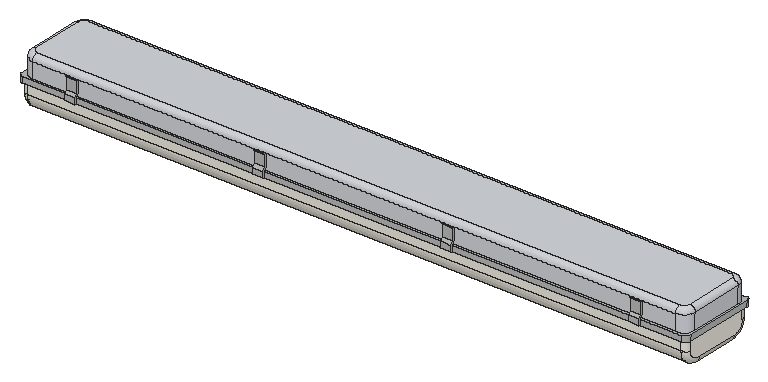
Revit family "АЙСБЕРГ", category Осветительные приборы, Revit 2019
Family settings
  Размер круглого соединителя = Использовать диаметр
  Тип детали = Нормальный
  На основе рабочей плоскости = Да
  Всегда вертикально = Нет
  При загрузке вырезать с полостями = Нет
  Источник света = Да
  Общий = Нет
  Точка расчета площади = Да
Parameters (values of type "CSVT Айсберг-38/MILKY (IP65, 5000К )")
  built-in parameter 1150104 = 13.8 (stored number, unit not read)
  built-in parameter 1150134 = 2
  Файл фотометрической сетки = "CSVT Iceberg-38Milky.ies"
  Tilt Angle = 90.00°
  built-in parameter 1150137 = (empty or 0)
  built-in parameter 1150132 = 2
  built-in parameter 1150114 = 1 (stored number, unit not read)
  Dimming Lamp Color Temperature Shift = (empty or 0)
  built-in parameter 1150105 = 358.1 (stored number, unit not read)
  Color Filter = 16777215
  Lumens = 4500 lm
  built-in parameter 1150109 = 1 (stored number, unit not read)
  built-in parameter 1150112 = 1 (stored number, unit not read)
  built-in parameter 1150110 = 1 (stored number, unit not read)
  built-in parameter 1150113 = 1 (stored number, unit not read)
  built-in parameter 1150115 = 1 (stored number, unit not read)
  built-in parameter 1114218 = 1 (stored number, unit not read)
  built-in parameter 1114217 = 1 (stored number, unit not read)
  Default Elevation = 1219.2 mm
  built-in parameter 1150106 = 3.581 (stored number, unit not read)
  built-in parameter 1150142 = "IESNA:\r\n[DATA] 17.03.2017\r\n[MANUFAC] ЗАО ЦЕНТРСТРОЙСВЕТ\r\n[LUMCAT] CSVT Айсберг-38\r\n[LUMINAIRE] \r\n[LAMP] LED\r\nTILT=NONE\r\n1 4524 4.524 181 2 1 2\r\n1.27 0.155 0.1\r\n1 1 38.8\r\n0 1 2 3 4 5 6 7 8 9 10 11 12 13 14 15 16 17 18 19 20 21 22 23 24 25 26 27 28 29 30 31 32 33 34 35 36 37 38 39 40 41 42 43 44 45 46 47 48 49 50 51 52 53 54 55 56 57 58 59 60 61 62 63 64 65 66 67 68 69 70 71 72 73 74 75 76 77 78 79 80 81 82 83 84 85 86 87 88 89 90 91 92 93 94 95 96 97 98 99 100 101 102 103 104 105 106 107 108 109 110 111 112 113 114 115 116 117 118 119 120 121 122 123 124 125 126 127 128 129 130 131 132 133 134 135 136 137 138 139 140 141 142 143 144 145 146 147 148 149 150 151 152 153 154 155 156 157 158 159 160 161 162 163 164 165 166 167 168 169 170 171 172 173 174 175 176 177 178 179 180 \r\n0 90 \r\n331.3 337 342.1 333.1 322.8 328.6 339.2 334.8 328.3 342.2 363.2 370.1 382.4 414 430.8 406.9 359.2 310.3 270.1 241.3 224.7 219.8 226.6 241.6 251.9 261.5 288.2 320.6 342.3 355.8 356 342.5 330.5 318.6 306.8 304.2 299.9 291.9 291.2 296.6 301.5 301.6 289.5 263.7 232.3 202 178.5 162.7 155.1 156.7 168.7 184.4 194.5 198.6 196.2 189.8 183.3 185 197.5 212.5 213.8 204.4 191.4 178.7 167.7 159.5 157.3 152.7 147.4 137.6 127.8 124.3 122.7 116.2 103.5 96.4 94.1 89.1 79.8 73 69.6 64.2 57.6 50.7 44.6 40.1 35.2 30.7 27.5 24.3 21.5 19.2 17.1 15.5 14.2 13.1 12.2 11.3 10.3 9.2 8.2 7.4 6.7 6 5.3 4.8 4.2 4 4 3.8 3.8 3.7 3.7 3.7 3.6 3.6 3.8 3.8 3.7 3.6 3.5 3.4 3.4 3.5 3.5 3.6 3.6 3.7 3.5 3.1 1.4 1.4 1.4 1.3 1.2 1.1 1 1 0 0 0 0 0 0 0 0 0 0 0 0 0 0 0 0 0 0 0 0 0 0 0 0 0 0 0 0 0 0 0 0 0 0 0 0 0 0 0 0 0 0 0\r\n331.3 331.2 331.1 330.8 330.5 329.9 329.4 328.9 327.9 326.9 325.8 324.5 323.1 321.6 319.9 318.2 316.5 314.5 312.3 310.1 307.5 305 302.1 299 295.9 292.5 289 285.2 281.3 276.9 272.3 267.9 263.5 259.1 255 250.8 246.4 241.9 237.2 232.5 227.7 222.8 217.9 212.8 207.4 202 196.8 191.7 186.7 182 177.3 172.4 167.4 162.3 157.3 152.1 146.2 139.5 132.6 126.4 121.4 116.5 110.4 104.2 98.2 92.5 87.7 82.6 77.2 71.7 65.8 60.2 54.7 49.2 43.6 37.4 31.9 28 25.1 22.5 19.8 18 15.4 13.6 11.8 10.2 8.9 7.6 6.2 5.2 4.4 4.1 4.1 4.1 4.3 4.3 4.3 4.3 4.2 4 3.9 3.8 3.5 3.4 3.2 3.2 3.2 3 2.9 2.8 2.7 2.6 2.5 2.4 2.3 2.1 2 1.9 1.9 1.8 0 0 0 0 0 0 0 0 0 0 0 0 0 0 0 0 0 0 0 0 0 0 0 0 0 0 0 0 0 0 0 0 0 0 0 0 0 0 0 0 0 0 0 0 0 0 0 0 0 0 0 0 0 0 0 0 0 0 0 0 0\r\n"
  built-in parameter 1150133 = 10 (stored number, unit not read)
  Wattage = 30.2945 W
  Материал коробки = none
  built-in parameter 1150139 = (empty or 0)
  built-in parameter 1150138 = (empty or 0)
  built-in parameter 1150107 = 5000 (stored number, unit not read)
  built-in parameter 1150102 = (empty or 0)
  Emit from Rectangle Width = Ширина - 20 mm  # 132 mm
  Emit from Rectangle Length = Длина - 20 mm  # 1250 mm
  Длина = 1270 mm
  УГО [instance] = yes
  Description = ""
  Материал светильника = RAL 9006
  Материал стекла = RAL 9001
  Type Comments = ""
  Изготовитель = "ЗАО «Центрстройсвет»"
  Ширина = 152 mm
  Высота = 100 mm
  Видимая форма излучения при визуализации = yes
  l = 20 mm  # constant formula
  URL = "http://csvt.ru/"
  ADSK_Ток = ADSK_Номинальная мощность / (ADSK_Коэффициент мощности * ADSK_Напряжение * sqrt(ADSK_Количество фаз числовое))  # 0.179584 A
  ADSK_Примечание = ""
  ADSK_Полная мощность = ADSK_Номинальная мощность / ADSK_Коэффициент мощности  # 41.3043 VA
  ADSK_Обозначение = "CSVT Айсберг-38 (IP65, 5000К)"
  ADSK_Номинальная мощность = 38 W
  ADSK_Напряжение = 230 V
  ADSK_Наименование = "Светодиодный пылевлагозащищенный светильник CSVT Айсберг-38 (IP65, 5000К)"
  ADSK_Масса = 2.2
  ADSK_Коэффициент мощности = 0.92
  ADSK_Количество фаз числовое = 1
  ADSK_Количество фаз = 1
  ADSK_Код изделия = "ЦБ000009149"
  ADSK_Классификация нагрузок = Прочее
  ADSK_Завод-изготовитель = "ЗАО «Центрстройсвет»"
  ADSK_Единица измерения = "шт."
Reference planes
  plane 1 "По центру (Вперед/Назад)": y = 0
  plane 2: z = 0
  plane 3 "По центру (Влево/Вправо)": x = 0
  plane 4: x = -635
  plane 5: x = 635
  plane 6: y = -76
  plane 7: y = 76
  plane 8: y = -71
  plane 9: y = 71
  plane 10: x = 630
  plane 11: x = -630
  plane 12: z = -40
  plane 13: z = -50
  plane 14: y = -61
  plane 15: x = 620
  plane 16: x = -620
  plane 17: y = 61
  plane 18: z = -100
  plane 19: x = -525
  plane 20: x = -545
  plane 21: x = -535
  plane 22: x = -168.333
  plane 23: x = -188.333
  plane 24: x = -178.333
  plane 25: x = 168.333
  plane 26: x = 188.333
  plane 27: x = 178.333
  plane 28: x = 525
  plane 29: x = 545
  plane 30: x = 535
Forms (mm)
  Extrusion 1, solid, material "RAL 9006" <- "Материал светильника", detail levels medium+fine
    sketch origin (0, 0, 0) x (1, 0, 0) y (0, 1, 0)
      loop
        arc (-635, -66) -> (-632.071, -73.071) -> (-625, -76) r 10
        line (-625, -76) -> (625, -76)
        arc (625, -76) -> (632.071, -73.071) -> (635, -66) r 10
        line (635, -66) -> (635, 66)
        arc (635, 66) -> (632.071, 73.071) -> (625, 76) r 10
        line (625, 76) -> (-625, 76)
        arc (-625, 76) -> (-632.071, 73.071) -> (-635, 66) r 10
        line (-635, 66) -> (-635, -66)
    from -50 to -40
  Extrusion 2, solid, material "RAL 9001" <- "Материал стекла", detail levels medium+fine
    sketch origin (0, 0, 0) x (0, 1, 0) y (0, 0, 1)
      loop
        line (71, -50) -> (-71, -50) -> (-71, -70)
        arc (-71, -70) -> (-62.213, -91.213) -> (-41, -100) r 30
        line (-41, -100) -> (41, -100)
        arc (41, -100) -> (62.213, -91.213) -> (71, -70) r 30
        line (71, -70) -> (71, -50)
    from -630 to 630
  Sweep 3, void
    path in 3D
      loop
        line (-630, 71, -50) -> (-630, 71, -70)
        arc (-630, 71, -70) -> (-630, 62.213, -91.213) -> (-630, 41, -100) r 30
        line (-630, 41, -100) -> (-630, -41, -100)
        arc (-630, -41, -100) -> (-630, -62.213, -91.213) -> (-630, -71, -70) r 30
        line (-630, -71, -70) -> (-630, -71, -50)
    profile origin (-630, 0, -100) x (-1, 0, 0) y (0, 0, -1)
      loop
        arc (-10, 0) -> (-2.929, -2.929) -> (0, -10) r 10
        line (0, -10) -> (0, 0) -> (-10, 0)
      loop
        line (-1250, 0) -> (-1260, 0) -> (-1260, -10)
        arc (-1260, -10) -> (-1257.071, -2.929) -> (-1250, 0) r 10
  Extrusion 4, solid, material "RAL 9006" <- "Материал светильника", detail levels medium+fine
    sketch origin (-507.2, 0, 0) x (0, 1, 0) y (0, 0, 1)
      loop
        line (76, -50) -> (71, -50) -> (71, -52.598) -> (77, -50.414) -> (77, -39.586) -> (71.84, -34.426) -> (71.84, -12.745) -> (74.536, -10.05) -> (73.828, -9.343) -> (69.981, -13.191) -> (69.981, -33.981) -> (76, -40) -> (76, -50)
      loop
        line (-76, -50) -> (-76, -40) -> (-69.981, -33.981) -> (-69.981, -13.191) -> (-73.828, -9.343) -> (-74.536, -10.05) -> (-71.84, -12.745) -> (-71.84, -34.426) -> (-77, -39.586) -> (-77, -50.414) -> (-71, -52.598) -> (-71, -50) -> (-76, -50)
    from -17.8 to -37.8
  Extrusion 5, solid, detail levels medium+fine
    sketch origin (0, 0, 0) x (1, 0, 0) y (0, 1, 0)
      loop
        arc (-610, 71) -> (-624.142, 65.142) -> (-630, 51) r 20
        line (-630, 51) -> (-630, -51)
        arc (-630, -51) -> (-624.142, -65.142) -> (-610, -71) r 20
        line (-610, -71) -> (610, -71)
        arc (610, -71) -> (624.142, -65.142) -> (630, -51) r 20
        line (630, -51) -> (630, 51)
        arc (630, 51) -> (624.142, 65.142) -> (610, 71) r 20
        line (610, 71) -> (-610, 71)
    from -40 to 0
  Extrusion 6, solid, material "RAL 9006" <- "Материал светильника", detail levels medium+fine
    sketch origin (-150.533, 0, 0) x (0, 1, 0) y (0, 0, 1)
      loop
        line (76, -50) -> (71, -50) -> (71, -52.598) -> (77, -50.414) -> (77, -39.586) -> (71.84, -34.426) -> (71.84, -12.745) -> (74.536, -10.05) -> (73.828, -9.343) -> (69.981, -13.191) -> (69.981, -33.981) -> (76, -40) -> (76, -50)
      loop
        line (-76, -50) -> (-76, -40) -> (-69.981, -33.981) -> (-69.981, -13.191) -> (-73.828, -9.343) -> (-74.536, -10.05) -> (-71.84, -12.745) -> (-71.84, -34.426) -> (-77, -39.586) -> (-77, -50.414) -> (-71, -52.598) -> (-71, -50) -> (-76, -50)
    from -17.8 to -37.8
  Extrusion 7, solid, material "RAL 9006" <- "Материал светильника", detail levels medium+fine
    sketch origin (206.133, 0, 0) x (0, 1, 0) y (0, 0, 1)
      loop
        line (76, -50) -> (71, -50) -> (71, -52.598) -> (77, -50.414) -> (77, -39.586) -> (71.84, -34.426) -> (71.84, -12.745) -> (74.536, -10.05) -> (73.828, -9.343) -> (69.981, -13.191) -> (69.981, -33.981) -> (76, -40) -> (76, -50)
      loop
        line (-76, -50) -> (-76, -40) -> (-69.981, -33.981) -> (-69.981, -13.191) -> (-73.828, -9.343) -> (-74.536, -10.05) -> (-71.84, -12.745) -> (-71.84, -34.426) -> (-77, -39.586) -> (-77, -50.414) -> (-71, -52.598) -> (-71, -50) -> (-76, -50)
    from -17.8 to -37.8
  Extrusion 8, solid, material "RAL 9006" <- "Материал светильника", detail levels medium+fine
    sketch origin (562.8, 0, 0) x (0, 1, 0) y (0, 0, 1)
      loop
        line (76, -50) -> (71, -50) -> (71, -52.598) -> (77, -50.414) -> (77, -39.586) -> (71.84, -34.426) -> (71.84, -12.745) -> (74.536, -10.05) -> (73.828, -9.343) -> (69.981, -13.191) -> (69.981, -33.981) -> (76, -40) -> (76, -50)
      loop
        line (-76, -50) -> (-76, -40) -> (-69.981, -33.981) -> (-69.981, -13.191) -> (-73.828, -9.343) -> (-74.536, -10.05) -> (-71.84, -12.745) -> (-71.84, -34.426) -> (-77, -39.586) -> (-77, -50.414) -> (-71, -52.598) -> (-71, -50) -> (-76, -50)
    from -17.8 to -37.8
  Sweep 9, void
    path in 3D
      loop
        arc (-630, -51, 0) -> (-624.142, -65.142, 0) -> (-610, -71, 0) r 20
        line (-610, -71, 0) -> (610, -71, 0)
        arc (610, -71, 0) -> (624.142, -65.142, 0) -> (630, -51, 0) r 20
        line (630, -51, 0) -> (630, 51, 0)
        arc (630, 51, 0) -> (624.142, 65.142, 0) -> (610, 71, 0) r 20
        line (610, 71, 0) -> (-610, 71, 0)
        arc (-610, 71, 0) -> (-624.142, 65.142, 0) -> (-630, 51, 0) r 20
        line (-630, 51, 0) -> (-630, -51, 0)
    profile origin (-630, 0, 0) x (1, 0, 0) y (0, 0, 1)
      loop
        line (0, 0) -> (0, -10)
        arc (0, -10) -> (2.929, -2.929) -> (10, 0) r 10
        line (10, 0) -> (0, 0)
Cuts and joins
  Sweep 3 cuts Extrusion 2
  Sweep 9 cuts Extrusion 5
Lines and regions (mm)
  sketch lines
    curve 1: line (-630, 41, -100) -> (-630, -41, -100)
    curve 2: arc (-630, -71, -70) -> (-630, -62.213, -91.213) -> (-630, -41, -100) r 30
    curve 3: line (-630, -71, -70) -> (-630, -71, -50)
    curve 4: arc (-630, 41, -100) -> (-630, 62.213, -91.213) -> (-630, 71, -70) r 30
    curve 5: line (-630, 71, -50) -> (-630, 71, -70)
    curve 6: line (-630, 51, 0) -> (-630, -51, 0)
    curve 7: arc (-630, 51, 0) -> (-624.142, 65.142, 0) -> (-610, 71, 0) r 20
    curve 8: line (610, 71, 0) -> (-610, 71, 0)
    curve 9: arc (-610, -71, 0) -> (-624.142, -65.142, 0) -> (-630, -51, 0) r 20
    curve 10: line (-610, -71, 0) -> (610, -71, 0)
    curve 11: arc (610, 71, 0) -> (624.142, 65.142, 0) -> (630, 51, 0) r 20
    curve 12: line (630, -51, 0) -> (630, 51, 0)
    curve 13: arc (630, -51, 0) -> (624.142, -65.142, 0) -> (610, -71, 0) r 20
Dimensions and locks
  equal spacing: plane 4, plane 3 "По центру (Влево/Вправо)", plane 5
  "Длина": plane 4 to plane 5
  equal spacing: plane 7, plane 1 "По центру (Вперед/Назад)", plane 6
  "Ширина": plane 7 to plane 6
  locked: plane 8 to plane 6 at 5
  locked: plane 9 to plane 7 at 5
  locked: plane 4 to plane 11 at 5
  locked: plane 10 to plane 5 at 5
  locked: plane 17 to plane 9 at 10
  locked: plane 14 to plane 8 at 10
  locked: plane 11 to plane 16 at 10
  locked: plane 15 to plane 10 at 10
  locked: plane 12 to plane 13 at 10
  "Высота": plane 2 to plane 18
  "l": plane 20 to plane 19
  equal spacing: plane 20, plane 21, plane 19
  "l": plane 23 to plane 22
  equal spacing: plane 23, plane 24, plane 22
  "l": plane 25 to plane 26
  equal spacing: plane 25, plane 27, plane 26
  "l": plane 28 to plane 29
  equal spacing: plane 28, plane 30, plane 29
  locked: plane 2 to plane 12 at 40
  plane 4 to plane 21 = 100 mm
  plane 30 to plane 5 = 100 mm
  equal spacing: plane 21, plane 24, plane 27, plane 30
  aligned and locked: level to plane 2
  aligned and locked: plane 13 to imposter light
  aligned and locked: plane 4 to Extrusion 1 sketch curve
  aligned and locked: plane 7 to Extrusion 1 sketch curve
  aligned and locked: plane 5 to Extrusion 1 sketch curve
  aligned and locked: plane 6 to Extrusion 1 sketch curve
  aligned and locked: Extrusion 1 to plane 13
  aligned and locked: plane 12 to Extrusion 1
  aligned and locked: Extrusion 2 sketch curve to plane 9
  aligned and locked: Extrusion 2 sketch curve to plane 18
  aligned and locked: Extrusion 2 sketch curve to plane 8
  aligned and locked: Extrusion 2 sketch curve to plane 13
  aligned and locked: Extrusion 2 to plane 10
  aligned and locked: Extrusion 2 to plane 11
  aligned and locked: plane 18 to Sweep 3 sketch curve  (x3)
  aligned and locked: Sweep 3 sketch curve to plane 11
  aligned and locked: plane 11 to Sweep 3 sketch curve
  aligned and locked: plane 10 to Sweep 3 sketch curve
  aligned and locked: Sweep 3 sketch curve to plane 18
  aligned and locked: plane 15 to Sweep 3 sketch curve
  aligned and locked: plane 20 to Extrusion 4
  aligned and locked: Extrusion 4 to plane 19
  aligned and locked: plane 9 to Extrusion 5 sketch curve
  aligned and locked: plane 11 to Extrusion 5 sketch curve
  aligned and locked: plane 8 to Extrusion 5 sketch curve
  aligned and locked: plane 10 to Extrusion 5 sketch curve
  aligned and locked: Extrusion 5 to plane 12
  aligned and locked: plane 2 to Extrusion 5
  aligned and locked: plane 29 to Extrusion 8
  aligned and locked: Extrusion 8 to plane 28
  aligned and locked: plane 26 to Extrusion 7
  aligned and locked: Extrusion 7 to plane 25
  aligned and locked: plane 22 to Extrusion 6
  aligned and locked: Extrusion 6 to plane 23
  aligned and locked: Sweep 9 sketch curve to plane 11
  aligned and locked: plane 2 to Sweep 9 sketch curve
Automatic sketch dimensions
  Extrusion 1 sketch curve to plane 4 = 0 mm
  plane 11 to Extrusion 1 sketch curve = 5 mm  (x2)
  plane 10 to Extrusion 1 sketch curve = 5 mm
  plane 9 to Extrusion 1 sketch curve = 5 mm
  Sweep 3 sketch curve to Sweep 3 sketch curve = 10 mm
  Extrusion 4 sketch curve to plane 6 = 0 mm
  Extrusion 4 sketch curve to plane 8 = 0 mm
  Extrusion 4 sketch curve to plane 9 = 0 mm
  Extrusion 4 sketch curve to plane 7 = 0 mm
  Extrusion 4 sketch curve to plane 13 = 0 mm  (x2)
  Extrusion 4 sketch curve to plane 12 = 0 mm  (x2)
  plane 12 to Extrusion 4 sketch curve = 0.414 mm  (x2)
  Extrusion 4 sketch curve to plane 6 = 1 mm
  plane 6 to Extrusion 4 sketch curve = 1.464 mm
  Extrusion 4 sketch curve to Extrusion 4 sketch curve = 0.707 mm  (x2)
  Extrusion 4 sketch curve to plane 8 = 0.84 mm
  plane 8 to Extrusion 4 sketch curve = 1.019 mm
  plane 9 to Extrusion 4 sketch curve = 1.019 mm
  Extrusion 4 sketch curve to plane 9 = 0.84 mm
  plane 7 to Extrusion 4 sketch curve = 2.172 mm
  Extrusion 4 sketch curve to plane 7 = 1 mm
  Extrusion 4 sketch curve to plane 13 = 0.414 mm  (x2)
  Extrusion 4 sketch curve to plane 13 = 2.598 mm  (x2)
  plane 12 to Extrusion 4 sketch curve = 5.574 mm  (x2)
  Extrusion 4 sketch curve to Extrusion 4 sketch curve = 0.446 mm  (x4)
  Extrusion 4 sketch curve to level = 13.191 mm  (x2)
  plane 16 to Extrusion 5 sketch curve = 10 mm  (x2)
  plane 15 to Extrusion 5 sketch curve = 10 mm
  plane 14 to Extrusion 5 sketch curve = 10 mm
  Extrusion 6 sketch curve to plane 6 = 0 mm
  Extrusion 6 sketch curve to plane 8 = 0 mm
  Extrusion 6 sketch curve to plane 9 = 0 mm
  Extrusion 6 sketch curve to plane 7 = 0 mm
  Extrusion 6 sketch curve to plane 13 = 0 mm  (x2)
  Extrusion 6 sketch curve to plane 12 = 0 mm  (x2)
  plane 12 to Extrusion 6 sketch curve = 0.414 mm  (x2)
  Extrusion 6 sketch curve to plane 6 = 1 mm
  plane 6 to Extrusion 6 sketch curve = 1.464 mm
  Extrusion 6 sketch curve to Extrusion 6 sketch curve = 0.707 mm  (x2)
  Extrusion 6 sketch curve to plane 8 = 0.84 mm
  plane 8 to Extrusion 6 sketch curve = 1.019 mm
  plane 9 to Extrusion 6 sketch curve = 1.019 mm
  Extrusion 6 sketch curve to plane 9 = 0.84 mm
  plane 7 to Extrusion 6 sketch curve = 2.172 mm
  Extrusion 6 sketch curve to plane 7 = 1 mm
  Extrusion 6 sketch curve to plane 13 = 0.414 mm  (x2)
  Extrusion 6 sketch curve to plane 13 = 2.598 mm  (x2)
  plane 12 to Extrusion 6 sketch curve = 5.574 mm  (x2)
  Extrusion 6 sketch curve to Extrusion 6 sketch curve = 0.446 mm  (x4)
  Extrusion 6 sketch curve to level = 13.191 mm  (x2)
  Extrusion 7 sketch curve to plane 6 = 0 mm
  Extrusion 7 sketch curve to plane 8 = 0 mm
  Extrusion 7 sketch curve to plane 9 = 0 mm
  Extrusion 7 sketch curve to plane 7 = 0 mm
  Extrusion 7 sketch curve to plane 13 = 0 mm  (x2)
  Extrusion 7 sketch curve to plane 12 = 0 mm  (x2)
  plane 12 to Extrusion 7 sketch curve = 0.414 mm  (x2)
  Extrusion 7 sketch curve to plane 6 = 1 mm
  plane 6 to Extrusion 7 sketch curve = 1.464 mm
  Extrusion 7 sketch curve to Extrusion 7 sketch curve = 0.707 mm  (x2)
  Extrusion 7 sketch curve to plane 8 = 0.84 mm
  plane 8 to Extrusion 7 sketch curve = 1.019 mm
  plane 9 to Extrusion 7 sketch curve = 1.019 mm
  Extrusion 7 sketch curve to plane 9 = 0.84 mm
  plane 7 to Extrusion 7 sketch curve = 2.172 mm
  Extrusion 7 sketch curve to plane 7 = 1 mm
  Extrusion 7 sketch curve to plane 13 = 0.414 mm  (x2)
  Extrusion 7 sketch curve to plane 13 = 2.598 mm  (x2)
  plane 12 to Extrusion 7 sketch curve = 5.574 mm  (x2)
  Extrusion 7 sketch curve to Extrusion 7 sketch curve = 0.446 mm  (x4)
  Extrusion 7 sketch curve to level = 13.191 mm  (x2)
  Extrusion 8 sketch curve to plane 6 = 0 mm
  Extrusion 8 sketch curve to plane 8 = 0 mm
  Extrusion 8 sketch curve to plane 9 = 0 mm
  Extrusion 8 sketch curve to plane 7 = 0 mm
  Extrusion 8 sketch curve to plane 13 = 0 mm  (x2)
  Extrusion 8 sketch curve to plane 12 = 0 mm  (x2)
  plane 12 to Extrusion 8 sketch curve = 0.414 mm  (x2)
  Extrusion 8 sketch curve to plane 6 = 1 mm
  plane 6 to Extrusion 8 sketch curve = 1.464 mm
  Extrusion 8 sketch curve to Extrusion 8 sketch curve = 0.707 mm  (x2)
  Extrusion 8 sketch curve to plane 8 = 0.84 mm
  plane 8 to Extrusion 8 sketch curve = 1.019 mm
  plane 9 to Extrusion 8 sketch curve = 1.019 mm
  Extrusion 8 sketch curve to plane 9 = 0.84 mm
  plane 7 to Extrusion 8 sketch curve = 2.172 mm
  Extrusion 8 sketch curve to plane 7 = 1 mm
  Extrusion 8 sketch curve to plane 13 = 0.414 mm  (x2)
  Extrusion 8 sketch curve to plane 13 = 2.598 mm  (x2)
  plane 12 to Extrusion 8 sketch curve = 5.574 mm  (x2)
  Extrusion 8 sketch curve to Extrusion 8 sketch curve = 0.446 mm  (x4)
  Extrusion 8 sketch curve to level = 13.191 mm  (x2)
  Sweep 9 sketch curve to Sweep 9 sketch curve = 10 mm
  plane 14 to Extrusion 2 sketch curve = 20 mm
  plane 17 to Extrusion 2 sketch curve = 20 mm
Nested families
  nested 1: "УГО светильник светодиодный" at (0, 0, 0), type "УГО светильник прямоугольный"
Connectors
  electrical at (0, 0, -40), driven by "ADSK_Количество фаз", driven by "ADSK_Классификация нагрузок", driven by "ADSK_Напряжение", driven by "ADSK_Полная мощность", driven by "ADSK_Коэффициент мощности"
    settings: on cut or joined group of Extrusion 5, Sweep 9, index 1, voltage 230 V, apparent load 0 VA, apparent load phase1 41.3043 VA, apparent load phase2 0 VA, apparent load phase3 0 VA, power factor 0.92, load classification "Прочее", number of poles 1, system type 31, power factor state 1, is connector primary yes, connector utility no, sub classification motor no, connector description ""
Definition of nested family "УГО светильник светодиодный"
  Parameters
    Длина = 1000 mm
    Ширина = 500 mm
  Reference planes
    plane 1 "По центру (Вперед/Назад)": y = 0
    plane 2: z = 0
    plane 3 "По центру (Влево/Вправо)": x = 0
    plane 4: x = -500
    plane 5: y = 250
    plane 6: x = 500
    plane 7: y = -250
    plane 8: x = -333.333
    plane 9: x = -166.667
    plane 10: x = 333.333
    plane 11: x = 166.667
  Lines and regions (mm)
    model lines, detail levels coarse
      curve 1: line (-500, 250, 0) -> (500, 250, 0)
      curve 2: line (-500, -250, 0) -> (-500, 250, 0)
      curve 3: line (500, -250, 0) -> (-500, -250, 0)
      curve 4: line (500, 250, 0) -> (500, -250, 0)
      curve 5: line (333.333, -250, 0) -> (333.333, 250, 0)
      curve 6: line (-333.333, -250, 0) -> (-333.333, 250, 0)
  Dimensions and locks
    equal spacing: plane 7, plane 1 "По центру (Вперед/Назад)", plane 5
    "Ширина": plane 7 to plane 5
    equal spacing: plane 4, plane 3 "По центру (Влево/Вправо)", plane 6
    "Длина": plane 4 to plane 6
    equal spacing: plane 4, plane 9, plane 11, plane 6
    equal spacing: plane 4, plane 8, plane 9
    equal spacing: plane 11, plane 10, plane 6
    aligned and locked: level to plane 2
    aligned and locked: curve 1 to plane 5
    aligned and locked: plane 4 to curve 2
    aligned and locked: curve 3 to plane 7
    aligned and locked: plane 6 to curve 4
    aligned and locked: curve 5 to plane 10
    aligned and locked: plane 8 to curve 6
Types (8, lengths in mm): name | Файл фотометрической сетки | built-in parameter 1150105 | Lumens | built-in parameter 1150106 | built-in parameter 1150142 | Wattage | ADSK_Ток | ADSK_Полная мощность | ADSK_Обозначение | ADSK_Номинальная мощность | ADSK_Наименование | ADSK_Код изделия
  CSVT Айсберг-38  (IP65, 5000К ) | "CSVT Iceberg-38.ies" | 358.1 (stored number, unit not read) | 4500 lm | 3.581 (stored number, unit not read) | "IESNA:\r\n[DATA] 17.03.2017\r\n[MANUFAC] ЗАО ЦЕНТРСТРОЙСВЕТ\r\n[LUMCAT] CSVT Айсберг-38\r\n[LUMINAIRE] \r\n[LAMP] LED\r\nTILT=NONE\r\n1 4524 4.524 181 2 1 2\r\n1.27 0.155 0.1\r\n1 1 38.8\r\n0 1 2 3 4 5 6 7 8 9 10 11 12 13 14 15 16 17 18 19 20 21 22 23 24 25 26 27 28 29 30 31 32 33 34 35 36 37 38 39 40 41 42 43 44 45 46 47 48 49 50 51 52 53 54 55 56 57 58 59 60 61 62 63 64 65 66 67 68 69 70 71 72 73 74 75 76 77 78 79 80 81 82 83 84 85 86 87 88 89 90 91 92 93 94 95 96 97 98 99 100 101 102 103 104 105 106 107 108 109 110 111 112 113 114 115 116 117 118 119 120 121 122 123 124 125 126 127 128 129 130 131 132 133 134 135 136 137 138 139 140 141 142 143 144 145 146 147 148 149 150 151 152 153 154 155 156 157 158 159 160 161 162 163 164 165 166 167 168 169 170 171 172 173 174 175 176 177 178 179 180 \r\n0 90 \r\n331.3 337 342.1 333.1 322.8 328.6 339.2 334.8 328.3 342.2 363.2 370.1 382.4 414 430.8 406.9 359.2 310.3 270.1 241.3 224.7 219.8 226.6 241.6 251.9 261.5 288.2 320.6 342.3 355.8 356 342.5 330.5 318.6 306.8 304.2 299.9 291.9 291.2 296.6 301.5 301.6 289.5 263.7 232.3 202 178.5 162.7 155.1 156.7 168.7 184.4 194.5 198.6 196.2 189.8 183.3 185 197.5 212.5 213.8 204.4 191.4 178.7 167.7 159.5 157.3 152.7 147.4 137.6 127.8 124.3 122.7 116.2 103.5 96.4 94.1 89.1 79.8 73 69.6 64.2 57.6 50.7 44.6 40.1 35.2 30.7 27.5 24.3 21.5 19.2 17.1 15.5 14.2 13.1 12.2 11.3 10.3 9.2 8.2 7.4 6.7 6 5.3 4.8 4.2 4 4 3.8 3.8 3.7 3.7 3.7 3.6 3.6 3.8 3.8 3.7 3.6 3.5 3.4 3.4 3.5 3.5 3.6 3.6 3.7 3.5 3.1 1.4 1.4 1.4 1.3 1.2 1.1 1 1 0 0 0 0 0 0 0 0 0 0 0 0 0 0 0 0 0 0 0 0 0 0 0 0 0 0 0 0 0 0 0 0 0 0 0 0 0 0 0 0 0 0 0\r\n331.3 331.2 331.1 330.8 330.5 329.9 329.4 328.9 327.9 326.9 325.8 324.5 323.1 321.6 319.9 318.2 316.5 314.5 312.3 310.1 307.5 305 302.1 299 295.9 292.5 289 285.2 281.3 276.9 272.3 267.9 263.5 259.1 255 250.8 246.4 241.9 237.2 232.5 227.7 222.8 217.9 212.8 207.4 202 196.8 191.7 186.7 182 177.3 172.4 167.4 162.3 157.3 152.1 146.2 139.5 132.6 126.4 121.4 116.5 110.4 104.2 98.2 92.5 87.7 82.6 77.2 71.7 65.8 60.2 54.7 49.2 43.6 37.4 31.9 28 25.1 22.5 19.8 18 15.4 13.6 11.8 10.2 8.9 7.6 6.2 5.2 4.4 4.1 4.1 4.1 4.3 4.3 4.3 4.3 4.2 4 3.9 3.8 3.5 3.4 3.2 3.2 3.2 3 2.9 2.8 2.7 2.6 2.5 2.4 2.3 2.1 2 1.9 1.9 1.8 0 0 0 0 0 0 0 0 0 0 0 0 0 0 0 0 0 0 0 0 0 0 0 0 0 0 0 0 0 0 0 0 0 0 0 0 0 0 0 0 0 0 0 0 0 0 0 0 0 0 0 0 0 0 0 0 0 0 0 0 0\r\n" | 30.2945 W | 0.179584 A | 41.3043 VA | "CSVT Айсберг-38 (IP65, 5000К)" | 38 W | "Светодиодный пылевлагозащищенный светильник CSVT Айсберг-38 (IP65, 5000К)" | "ЦБ000001207"
